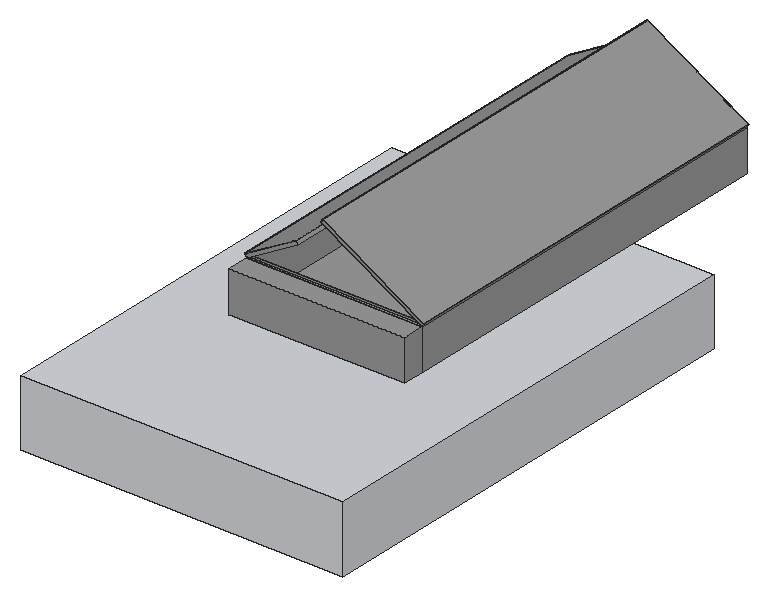
Revit family "Hager-Univers-IP54-D205-H1950-Cl.I-Encl-NoHosted-AT-de", category Equipement électrique, Revit 2020
Family settings
  Hôte = Face
  Configuration du panneau = Deux colonnes, circuits au sein
  Cote de connecteur circulaire = Utiliser le diamètre
  Type d'élément = Tableau de raccordement
  Couper avec des vides une fois chargée = Non
  Partagée = Non
  Point de calcul de pièce = Non
Parameters (values of type "Bodenaufstellung IP54 B800 H1950 T205  - FP23TW2")
  Width Control [instance] = if([EF000008 - Breite] > Min Width, [EF000008 - Breite], Min Width)  # 800 mm
  Commentaires du type = [HG000003 - Bereich]  # "Univers"
  Thickness Door [instance] = if([EF009171 - Materialstärke Tür/Deckel] > 3 mm, 3 mm, [EF009171 - Materialstärke Tür/Deckel])  # 1 mm
  Seal Frame Offset [instance] = 17 mm  # constant formula
  Plinth Visibility [instance] = [HG000027 - Sockelhöhe] > 0 mm  # yes
  Model = ""
  Min Width [instance] = 100 mm  # constant formula
  Min Height [instance] = 100 mm  # constant formula
  Min Depth [instance] = (2 * [EF009170 - Materialstärke Gehäuse]) + 1 mm  # 3 mm
  Internal Frame Depth [instance] = (Door System Depth * 0.5)  # 9 mm
  Height Control [instance] = if([EF000040 - Höhe] > Min Height, [EF000040 - Höhe], Min Height)  # 1950 mm
  HG000027 - Sockelhöhe = 100 mm
  HG000026 - Stehend auf dem Boden = yes
  HG000024 - Höhe des unteren Teils = 800 mm
  HG000023 - Gehäuse mit doppeltem Querschnitt = no
  HG000016 - 3D-Türsichtbarkeit [instance] = yes
  HG000015 - Sichtbarkeit der Türöffnung [instance] = no
  HG000014 - Tür rechts [instance] = yes
  HG000013 - Tür links [instance] = not([HG000014 - Tür rechts])  # no
  HG000012 - Türschwenkwinkel [instance] = 30.00°
  HG000010 - Asymmetrische Türen = yes
  HG000009 - Doppelflügeligen Tür = yes
  HG000006 - Unterputz = no
  HG000004 - Herstellerreferenz = "FP23TW2"
  HG000003 - Bereich = "Univers"
  HG000002 - Mit tür = yes
  Frame Offset Bottom [instance] = 10 mm  # constant formula
  Frame Offset [instance] = 15 mm  # constant formula
  EF015940 - Deckel mit Überdruckentlastung = no
  EF011959 - Schutzart (NEMA) = ""
  EF009554 - Anzahl der Öffnungen für Flanschplatten = 6
  Fabricant = "Hager"  # constant formula
  EF009212 - Ausführung Deckel = "EV000116 - geschlossen"
  EF009171 - Materialstärke Tür/Deckel = 1 mm
  EF009170 - Materialstärke Gehäuse = 1 mm
  EF008873 - Nennstrom (In) = 400 A
  EF007800 - Geeignet für Blitzschutz = no
  EF006306 - Mit Schloss = no
  EF006244 - Transparenter Deckel/Tür = no
  EF005474 - Schutzart (IP) = "EV006419 - IP54"
  EF004464 - Art der Tür = "EV002646 - Einzel"
  EF004427 - Anzahl der Module = 432
  EF004293 - Schlagfestigkeit = "EV006815 - IK09"
  EF003532 - Geeignet für Außengebrauch = no
  EF002950 - Breite in Teilungseinheiten = 36
  EF001613 - Funktionserhalt = "EV000494 - ohne"
  EF001596 - Werkstoff des Gehäuses = "EV000179 - Stahl"
  EF001131 - Innentiefe = 205 mm
  EF001088 - Anbaumöglichkeit = yes
  EF000437 - Anzahl der Leitungseinführungen = 6
  EF000339 - Art der Abdeckung = "EV001012 - Deckel"
  EF000266 - Anzahl der Reihen = 12
  EF000218 - Einbautiefe = 0 mm
  EF000118 - Mit Montageplatte = no
  EF000116 - RAL-Nummer = "9010"
  EF000049 - Tiefe = 205 mm
  EF000040 - Höhe = 1950 mm
  EF000008 - Breite = 800 mm
  EF000007 - Farbe = "EV000202 - weiß"
  EF000003 - Montageart = "EV012274 - Bodenaufstellung"
  Door System Leaf Tolerance [instance] = 1.5 mm  # constant formula
  Door System Depth [instance] = 18 mm  # constant formula
  Door Height [instance] = Height Control - [HG000027 - Sockelhöhe]  # 1850 mm
  Depth Control [instance] = if([EF000049 - Tiefe] > Min Depth, [EF000049 - Tiefe], Min Depth)  # 205 mm
  Default Elevation = 0 mm
  Connector Offset [instance] = Height Control / 2  # 975 mm
  Bottom Top Plate Trim [instance] = 1.5 mm  # constant formula
  Plinth height Ctrl [instance] = if([HG000027 - Sockelhöhe] > 0 mm, [HG000027 - Sockelhöhe], 12 mm)  # 100 mm
Types (3, lengths in mm): name | Width Control | HG000010 - Asymmetrische Türen | HG000009 - Doppelflügeligen Tür | HG000004 - Herstellerreferenz | EF009554 - Anzahl der Öffnungen für Flanschplatten | EF008873 - Nennstrom (In) | EF004464 - Art der Tür | EF004427 - Anzahl der Module | EF002950 - Breite in Teilungseinheiten | EF000437 - Anzahl der Leitungseinführungen | EF000008 - Breite
  Bodenaufstellung IP54 B1300 H1950 T205  - FP25TW2 | 1300 | yes | yes | "FP25TW2" | 10 | 400 A | "EV003602 - Doppel" | 720 | 60 | 10 | 1300
  Bodenaufstellung IP54 B300 H1950 T205  - FP21TW2 | 300 | no | no | "FP21TW2" | 2 | 250 A | "EV002646 - Einzel" | 144 | 12 | 2 | 300
  Bodenaufstellung IP54 B800 H1950 T205  - FP23TW2 | 800 | yes | yes | "FP23TW2" | 6 | 400 A | "EV002646 - Einzel" | 432 | 36 | 6 | 800
Reference planes
  plane 1 "Center (Front/Back)": y = 0
  plane 2: z = 0
  plane 3 "Center (Left/Right)": x = 0
  plane 4: z = 205
  plane 5: y = 101
  plane 6: y = 1025
  plane 7: y = 100
  plane 8: y = 1950
  plane 9: z = 0
  plane 10: x = -385
  plane 11: x = 385
  plane 12: x = 384
  plane 13: x = -384
  plane 14: y = 1949
  plane 15: x = -383
  plane 16: x = -400
  plane 17: x = 383
  plane 18: x = 400
  plane 19: x = 399
  plane 20: x = -399
  plane 21: y = 111
  plane 22: y = 1950
  plane 23: y = 1934
  plane 24: z = 187
  plane 25: z = 1
  plane 26: z = 186
  plane 27: z = 204
Forms (mm)
  Extrusion 1, solid
    sketch origin (0, 0, 0) x (1, 0, 0) y (0, 1, 0)
      loop
        line (-702.964, 1305) -> (-702.964, -811.445) -> (766.763, -811.445) -> (766.763, 1305) -> (-702.964, 1305)
    from 0 to -304.8
  Extrusion 2, solid, material "Hager_Steel_RAL7035_Light_Grey", visible <- "Plinth Visibility", detail levels medium+fine
    sketch origin (0, 0, 0) x (1, 0, 0) y (0, 1, 0)
      loop
        line (-400, 0) -> (400, 0) -> (400, 100) -> (-400, 100) -> (-400, 0)
    from 0 to 187
  Extrusion 3, solid, material "Hager_Steel_RAL7035_Light_Grey", detail levels medium+fine
    sketch origin (0, 0, 0) x (1, 0, 0) y (0, 1, 0)
      loop
        line (-400, 100) -> (400, 100) -> (400, 1950) -> (-400, 1950) -> (-400, 100)
    from 0 to 187
  Extrusion 4, void
    sketch origin (0, 0, 0) x (1, 0, 0) y (0, 1, 0)
      loop
        line (-399, 101) -> (399, 101) -> (399, 1949) -> (-399, 1949) -> (-399, 101)
    from 1 to 186
  Extrusion 5, void
    sketch origin (-381.607, -4572, 187) x (0, -1, 0) y (-1, 0, 0)
      loop
        line (-4683, 2.393) -> (-6506, 2.393) -> (-6506, -765.607) -> (-4683, -765.607) -> (-4683, 2.393)
    from 0 to 1 <- "EF009170 - Materialstärke Gehäuse"
  Extrusion 6, solid, material "Hager_Steel_RAL7035_Light_Grey", detail levels fine
    sketch origin (0, 0, 187) x (1, 0, 0) y (0, 1, 0)
      loop
        line (-384, 1934) -> (-384, 111) -> (384, 111) -> (384, 1934) -> (-384, 1934)
      loop
        line (-385, 110) -> (385, 110) -> (385, 1935) -> (-385, 1935) -> (-385, 110)
    from 0 to 9 <- "Internal Frame Depth"
  Extrusion 7, solid, material "Hager_Steel_RAL7035_Light_Grey", detail levels coarse
    sketch origin (0, 0, 0) x (1, 0, 0) y (0, 1, 0)
      loop
        line (-400, 0) -> (400, 0) -> (400, 1950) -> (-400, 1950) -> (-400, 0)
    from 0 to 205
  Sweep 8, void
    path in 3D
      loop
        line (-400, 100, 0) -> (400, 100, 0) -> (400, 100, 187) -> (-400, 100, 187) -> (-400, 100, 0)
    profile origin (-400, 100, 93.5) x (-1, 0, 0) y (0, -1, 0)
      loop
        line (0, 0) -> (0, 1.5) -> (-1.5, 1.5)
        arc (-1.5, 1.5) -> (-1.061, 0.439) -> (0, 0) r 1.5
Cuts and joins
  Extrusion 4, Extrusion 5 cuts Extrusion 3
  Sweep 8 cuts Extrusion 2
Lines and regions (mm)
  Masking region 1
    outline origin (0, 0, 0) x (1, 0, 0) y (0, 0, 1)
      loop
        line (-400, 205) -> (-400, 0) -> (400, 0) -> (400, 205) -> (-400, 205)
  Masking region 2, detail levels medium+fine
    outline origin (0, 140, 0) x (0, 1, 0) y (0, 0, 1)
      loop
        line (-40, 0) -> (1810, 0) -> (1810, 187) -> (-40, 187) -> (-40, 0)
  Masking region 3, not visible, detail levels medium+fine
    outline origin (0, 297.922, 0) x (0, 1, 0) y (0, 0, 1)
      loop
        line (738.578, 0) -> (778.578, 0) -> (778.578, 194)
        arc (778.578, 194) -> (775.649, 201.071) -> (768.578, 204) r 10
        line (768.578, 204) -> (738.578, 204) -> (738.578, 0)
  Masking region 4, detail levels coarse
    outline origin (0, 0, 180) x (0, 1, 0) y (0, 0, 1)
      loop
        line (0, -180) -> (1950, -180) -> (1950, 25) -> (0, 25) -> (0, -180)
  Masking region 5, visible <- "Plinth Visibility", detail levels medium+fine
    outline origin (0, 52.24, 12.345) x (0, 0, -1) y (0, 1, 0)
      loop
        line (10.845, 47.76) -> (-173.155, 47.76)
        arc (-173.155, 47.76) -> (-173.594, 46.699) -> (-174.655, 46.26) r 1.5
        line (-174.655, 46.26) -> (-174.655, -52.24) -> (12.345, -52.24) -> (12.345, 46.26)
        arc (12.345, 46.26) -> (11.285, 46.699) -> (10.845, 47.76) r 1.5
  Masking region 6, detail levels medium+fine
    outline origin (-381.607, -4572, 187) x (-1, 0, 0) y (0, -1, 0)
      loop
        line (18.393, -6522) -> (18.393, -4672) -> (-781.607, -4672) -> (-781.607, -6522) -> (18.393, -6522)
  Masking region 7, visible <- "Plinth Visibility", detail levels medium+fine
    outline origin (-381.607, -4727, 187) x (-1, 0, 0) y (0, -1, 0)
      loop
        arc (16.893, -4827) -> (17.332, -4825.939) -> (18.393, -4825.5) r 1.5
        line (18.393, -4825.5) -> (18.393, -4727) -> (-781.607, -4727) -> (-781.607, -4825.5)
        arc (-781.607, -4825.5) -> (-780.546, -4825.939) -> (-780.107, -4827) r 1.5
        line (-780.107, -4827) -> (16.893, -4827)
  Masking region 8, detail levels coarse
    outline origin (-442.548, -4669.526, 187) x (-1, 0, 0) y (0, -1, 0)
      loop
        line (-42.548, -6619.526) -> (-42.548, -4669.526) -> (-842.548, -4669.526) -> (-842.548, -6619.526) -> (-42.548, -6619.526)
  sketch lines
    curve 1: line (-400, 100, 187) -> (-400, 100, 0)
    curve 2: line (400, 100, 187) -> (-400, 100, 187)
    curve 3: line (400, 100, 187) -> (400, 100, 0)
    curve 4: line (-400, 100, 0) -> (400, 100, 0)
Dimensions and locks
  "Depth Control": plane 4 to Extrusion 1
  "HG000027 - Sockelhöhe": plane 1 "Center (Front/Back)" to plane 7
  "EF009170 - Materialstärke Gehäuse": plane 5 to plane 7
  locked: connector elem to plane 3 "Center (Left/Right)"
  equal spacing: plane 8, plane 6, plane 7
  locked: connector elem to plane 6
  "EF009170 - Materialstärke Gehäuse": plane 8 to plane 14
  "EF009170 - Materialstärke Gehäuse": plane 10 to plane 13
  "EF009170 - Materialstärke Gehäuse": plane 12 to plane 11
  "Frame Offset": plane 20 to plane 13
  "Frame Offset": plane 12 to plane 19
  "EF009170 - Materialstärke Gehäuse": plane 16 to plane 20
  "EF009170 - Materialstärke Gehäuse": plane 19 to plane 18
  "Seal Frame Offset": plane 16 to plane 15
  "Seal Frame Offset": plane 17 to plane 18
  "Frame Offset Bottom": plane 21 to plane 5
  "Frame Offset": plane 14 to plane 23
  equal spacing: plane 16, plane 3 "Center (Left/Right)", plane 18
  "Width Control": plane 16 to plane 18
  "EF009170 - Materialstärke Gehäuse": plane 4 to plane 27
  "EF009170 - Materialstärke Gehäuse": plane 24 to plane 26
  "EF009170 - Materialstärke Gehäuse": plane 25 to level
  "Door System Depth": plane 4 to plane 24
  "Height Control": plane 1 "Center (Front/Back)" to Extrusion 7 sketch curve
  "Height Control": Masking region 4 sketch curve to plane 1 "Center (Front/Back)"
  "Height Control": plane 1 "Center (Front/Back)" to plane 22
  "Bottom Top Plate Trim": profile plane to Sweep 8 sketch curve
  "Bottom Top Plate Trim": Sweep 8 sketch curve to profile plane
  "Plinth height Ctrl": plane 1 "Center (Front/Back)" to Extrusion 2 sketch curve
  "Plinth height Ctrl": Masking region 5 sketch curve to plane 1 "Center (Front/Back)"
  "Plinth height Ctrl": plane 1 "Center (Front/Back)" to Masking region 7 sketch curve
  "Thickness Door": Extrusion 6 sketch curve to Extrusion 6 sketch curve  (x3)
  "Thickness Door": cut or joined group of Extrusion 3, Extrusion 4, Extrusion 5 to Extrusion 6 sketch curve
  radius of Masking region 3 sketch curve = 10 mm
  "Bottom Top Plate Trim": radius of Masking region 5 sketch curve  (x2)
  "Bottom Top Plate Trim": radius of Sweep 8 sketch curve
  "Bottom Top Plate Trim": radius of Masking region 7 sketch curve  (x2)
  aligned and locked: plane 2 to Extrusion 1
  aligned and locked: level to Extrusion 1
  aligned and locked: level to Masking region 1 sketch curve
  aligned and locked: Masking region 1 sketch curve to plane 18
  aligned and locked: Masking region 1 sketch curve to plane 16
  aligned and locked: plane 7 to Masking region 2 sketch curve
  aligned and locked: level to Masking region 3 sketch curve
  aligned and locked: Masking region 3 sketch curve to plane 27
  aligned and locked: level to Masking region 2 sketch curve
  aligned and locked: plane 1 "Center (Front/Back)" to Extrusion 2 sketch curve
  aligned and locked: Extrusion 3 sketch curve to plane 7
  aligned and locked: plane 16 to Extrusion 3 sketch curve
  aligned and locked: plane 18 to Extrusion 3 sketch curve
  aligned and locked: plane 20 to Extrusion 4 sketch curve
  aligned and locked: plane 19 to Extrusion 4 sketch curve
  aligned and locked: Extrusion 4 sketch curve to plane 5
  aligned and locked: Extrusion 4 to plane 25
  aligned and locked: plane 26 to Extrusion 4
  aligned and locked: plane 24 to Extrusion 3
  aligned and locked: Extrusion 5 sketch curve to plane 21
  aligned and locked: Extrusion 5 sketch curve to plane 13
  aligned and locked: Extrusion 5 sketch curve to plane 12
  aligned and locked: plane 18 to Extrusion 7 sketch curve
  aligned and locked: plane 1 "Center (Front/Back)" to Extrusion 7 sketch curve
  aligned and locked: plane 16 to Extrusion 7 sketch curve
  aligned and locked: plane 4 to Extrusion 7
  aligned and locked: Extrusion 7 to level
  aligned and locked: level to Masking region 4 sketch curve
  aligned and locked: Masking region 4 sketch curve to plane 1 "Center (Front/Back)"
  aligned and locked: Masking region 4 sketch curve to plane 4
  aligned and locked: nested 1 to level
  aligned and locked: nested 1 to plane 16
  aligned and locked: plane 8 to Extrusion 3 sketch curve
  aligned and locked: plane 23 to Extrusion 5 sketch curve
  aligned and locked: plane 14 to Extrusion 4 sketch curve
  aligned and locked: Masking region 2 sketch curve to plane 8
  aligned and locked: level to Masking region 5 sketch curve
  aligned and locked: plane 16 to Extrusion 2 sketch curve
  aligned and locked: plane 18 to Extrusion 2 sketch curve
  aligned and locked: Masking region 5 sketch curve to plane 24
  aligned and locked: Masking region 2 sketch curve to plane 24
  aligned and locked: plane 24 to Extrusion 2
  aligned and locked: profile plane to Sweep 8 sketch curve  (x2)
  aligned and locked: Masking region 6 sketch curve to plane 18
  aligned and locked: Masking region 6 sketch curve to plane 22
  aligned and locked: Masking region 6 sketch curve to plane 16
  aligned and locked: plane 8 to plane 22
  aligned and locked: Masking region 6 sketch curve to plane 7
  aligned and locked: Masking region 7 sketch curve to plane 16
  aligned and locked: Masking region 7 sketch curve to plane 1 "Center (Front/Back)"
  aligned and locked: Masking region 7 sketch curve to plane 18
  aligned and locked: Masking region 8 sketch curve to plane 1 "Center (Front/Back)"
  aligned and locked: Masking region 8 sketch curve to plane 18
  aligned and locked: Masking region 8 sketch curve to plane 22
  aligned and locked: Masking region 8 sketch curve to plane 16
  aligned and locked: nested 2 to plane 7
  aligned and locked: plane 3 "Center (Left/Right)" to nested 2
  aligned and locked: nested 2 to plane 24
  aligned and locked: Extrusion 6 sketch curve to cut or joined group of Extrusion 3, Extrusion 4, Extrusion 5  (x4)
Automatic sketch dimensions
  Extrusion 1 sketch curve to Extrusion 1 sketch curve = 1469.727 mm
  Extrusion 1 sketch curve to Extrusion 1 sketch curve = 2116.445 mm
  Masking region 1 sketch curve to plane 4 = 0 mm
  plane 6 to Masking region 3 sketch curve = 11.5 mm
  Masking region 3 sketch curve to Masking region 3 sketch curve = 30 mm
  Masking region 5 sketch curve to plane 1 "Center (Front/Back)" = 0 mm
Nested families
  nested 1: "Hager_Enclosure_Symbol" at (-400, 0, 0) x (1, 0, 0) z (0, -1, 0), Height <- "Depth Control", Width <- "Width Control", type "Hager_Enclosure_Symbol"
    with Width_Ctrl 800 mm, Width 800 mm, Height_Ctrl 205 mm, Height 205 mm, A_Width_Int 13.453 mm, A_Width 161.438 mm, A_Height_Ctrl 179.375 mm, A_Height 179.375 mm
  nested 2: "EC000058_Univers_Door" at (0, 100, 187) x (1, 0, 0) z (0, 1, 0), Leaf_Tolerance <- "Door System Leaf Tolerance", Angle <- "HG000012 - Türschwenkwinkel", Door_Depth <- "Door System Depth", Door_Left <- "HG000013 - Tür links", Transparent <- "EF006244 - Transparenter Deckel/Tür", Assymetrical <- "HG000010 - Asymmetrische Türen", Width <- "Width Control", Clearance <- "HG000015 - Sichtbarkeit der Türöffnung", Double <- "HG000009 - Doppelflügeligen Tür", 3d_Door <- "HG000016 - 3D-Türsichtbarkeit", Lock_Visibility <- "EF006306 - Mit Schloss", Width_Ctrl <- "Width Control", Door_Right <- "HG000014 - Tür rechts", Door <- "HG000002 - Mit tür", Height <- "Door Height", Thickness <- "Thickness Door", type "EC000058_Univers_Door", detail levels medium+fine
    with min_wh 3 mm, Width_Ctrl 800 mm, Width 800 mm, Transparent no, Thickness 1 mm, Seal_Material Hager_Rubber, Lock_Visibility no, Lock_Material Hager_Plastic_RAL9005_Jet_Black, Leaf_Width 800 mm, Leaf_Tolerance_External_Sides 0 mm, Leaf_Tolerance 1.5 mm, Leaf_Offset 0 mm, Leaf_Height 1847 mm, Leaf_2_Width 532.583 mm, Leaf_2_Offset 266.292 mm, Leaf_1_Width 265.917 mm, Leaf_1_Offset 132.958 mm, Height_Ctrl 1850 mm, Height 1850 mm, Glass_Material Hager_Glass, Double_Clearance_Ctrl no, Double yes, Door_Right_Ctrl yes, Door_Right yes, Door_Material Hager_Steel_RAL7035_Light_Grey, Door_Left_Ctrl yes, Door_Left no, Door_Depth 18 mm, Door yes, Clearance_Material Hager_Clearance, Clearance_Depth 532.583 mm, Clearance_Ctrl no, Clearance no, Assymetrical yes, Angle 30.00°, 3d_Door yes
Connectors
  electrical at (0, 1025, 0)
    settings: on plane 9, index 1, voltage 0 V, apparent load 0 VA, apparent load phase1 0 VA, apparent load phase2 0 VA, apparent load phase3 0 VA, power factor 1, load classification "Other", number of poles 1, system type 30, power factor state 1, is connector primary yes, connector utility no, sub classification motor no, connector description ""
Definition of nested family "EC000058_Univers_Door"
  Parameters (values of type "EC000058_Univers_Door")
    min_wh [instance] = (2 * Thickness) + 1 mm  # 11 mm
    Width_Ctrl [instance] = 400 mm
    Width [instance] = 500 mm
    Transparent [instance] = yes
    Thickness [instance] = 5 mm
    Seal_Material [instance] = none
    Lock_Visibility [instance] = yes
    Lock_Material [instance] = none
    Leaf_Width [instance] = if((Width_Ctrl - 2 * Leaf_Tolerance_External_Sides) > 0 mm, (Width_Ctrl - 2 * Leaf_Tolerance_External_Sides), min_wh)  # 400 mm
    Leaf_Tolerance_External_Sides [instance] = 0 mm  # constant formula
    Leaf_Tolerance [instance] = 1.5 mm
    Leaf_Offset [instance] = 0 mm  # constant formula
    Leaf_Height [instance] = if((Height_Ctrl - 2 * Leaf_Tolerance) > 0 mm, (Height_Ctrl - 2 * Leaf_Tolerance), min_wh)  # 497 mm
    Leaf_2_Width [instance] = if(and(and(Double, Assymetrical), Door_Left), (Leaf_Width / 3) - (Leaf_Tolerance / 2), if(and(and(Double, Assymetrical), Door_Right), (Leaf_Width / 3) * 2 - (Leaf_Tolerance / 2), if(and(Double, not(Assymetrical)), (Leaf_Width / 2) - Leaf_Tolerance, Leaf_Width)))  # 400 mm
    Leaf_2_Offset [instance] = if(and(Double, Assymetrical), Leaf_2_Width / 2, if(and(Double, not(Assymetrical)), Leaf_Width / 4, Leaf_Width / 2))  # 200 mm
    Leaf_1_Width [instance] = if(and(and(Double, Assymetrical), Door_Right), (Leaf_Width / 3) - (Leaf_Tolerance / 2), if(and(and(Double, Assymetrical), Door_Left), (Width / 3) * 2 - (Leaf_Tolerance / 2), if(and(Double, not(Assymetrical)), (Leaf_Width / 2) - Leaf_Tolerance, Leaf_Width)))  # 400 mm
    Leaf_1_Offset [instance] = if(and(Double, Assymetrical), Leaf_1_Width / 2, if(and(Double, not(Assymetrical)), Leaf_Width / 4, Leaf_Width / 2))  # 200 mm
    Height_Ctrl [instance] = if(Height > min_wh, Height, min_wh)  # 500 mm
    Height [instance] = 500 mm
    Glass_Material [instance] = none
    Double_Clearance_Ctrl [instance] = and(Double, Clearance)  # no
    Double [instance] = no
    Door_Right_Ctrl [instance] = and(or(Door_Right, Double), Door)  # yes
    Door_Right [instance] = yes
    Door_Material [instance] = none
    Door_Left_Ctrl [instance] = and(or(Door_Left, Double), Door)  # no
    Door_Left [instance] = no
    Door_Depth [instance] = 30 mm
    Door [instance] = yes
    Default Elevation = 1219.2 mm
    Clearance_Material [instance] = none
    Clearance_Depth [instance] = if(Leaf_1_Width > Leaf_2_Width, Leaf_1_Width, Leaf_2_Width)  # 400 mm
    Clearance_Ctrl [instance] = and(not(Double), Clearance)  # yes
    Clearance [instance] = yes
    Assymetrical [instance] = yes
    Angle [instance] = 30.00°
    3d_Door [instance] = yes
  Reference planes
    plane 1 "Center (Front/Back)": y = 0
    plane 2 "Bottom": z = 0
    plane 3 "Center (Left/Right)": x = 0
    plane 4: z = 500
    plane 5: x = -200
    plane 6: x = 200
    plane 7: z = 500
    plane 8: x = -200
    plane 9: z = 0
    plane 10: x = 200
    plane 11: y = 0
    plane 12: z = 1.5
    plane 13: x = -600
    plane 14: y = -400
    plane 15: x = 600
    plane 16: x = 0
    plane 17: x = 0
    plane 18: x = -200
    plane 19: x = 200
    plane 20: z = 498.5
  Forms (mm)
    Extrusion 1, solid, material <- "Clearance_Material", visible <- "Double_Clearance_Ctrl"
      sketch origin (1200, 0, 0) x (1, 0, 0) y (0, 0, -1)
        loop
          line (-1800, -498.5) -> (-600, -498.5) -> (-600, 0) -> (-1800, 0) -> (-1800, -498.5)
      from 0 to -400
  Dimensions and locks
    equal spacing: plane 5, plane 3 "Center (Left/Right)", plane 6
    "Width_Ctrl": plane 5 to plane 6
    "Leaf_Offset": plane 5 to plane 8
    "Leaf_Offset": plane 6 to plane 10
    "Leaf_Offset": plane 9 to level
    "Leaf_Offset": plane 4 to plane 7
    "Height_Ctrl": plane 4 to level
    "Leaf_Tolerance": plane 12 to plane 9
    locked: plane 11 to plane 1 "Center (Front/Back)"
    "Leaf_1_Offset": plane 18 to plane 16
    "Leaf_2_Offset": plane 17 to plane 19
    "Leaf_1_Width": plane 13 to plane 8
    "Leaf_2_Width": plane 10 to plane 15
    "Clearance_Depth": plane 14 to plane 1 "Center (Front/Back)"
    "Leaf_Tolerance_External_Sides": plane 8 to plane 18
    "Leaf_Tolerance_External_Sides": plane 19 to plane 10
    "Leaf_Tolerance": plane 7 to plane 20
    aligned and locked: level to plane 2 "Bottom"
    aligned and locked: nested 1 to plane 16
    aligned and locked: nested 2 to plane 17
    aligned and locked: Extrusion 1 to plane 13
    aligned and locked: plane 15 to Extrusion 1
    aligned and locked: Extrusion 1 to plane 14
    aligned and locked: plane 12 to nested 1
    aligned and locked: nested 2 to plane 12
    aligned and locked: Extrusion 1 to plane 11
    aligned and locked: plane 20 to Extrusion 1
    aligned and locked: nested 2 to plane 11
    aligned and locked: nested 1 to plane 11
  Automatic sketch dimensions
    Extrusion 1 sketch curve to level = 0 mm
    plane 5 to Extrusion 1 sketch curve = 400 mm
    plane 6 to Extrusion 1 sketch curve = 400 mm
    Extrusion 1 sketch curve to plane 4 = 1.5 mm
  Nested families
    nested 1: "EC000058_Univers_Door_Leaf" at (0, 0, 1.5), Width <- "Leaf_1_Width", visible <- "Door_Left_Ctrl", Leaf_Height <- "Leaf_Height", Angle <- "Angle", 3d_Door <- "3d_Door", Transparent <- "Transparent", Clearance Material <- "Clearance_Material", Clearance <- "Clearance_Ctrl", Door_Material <- "Door_Material", Glass_Material <- "Glass_Material", Door_Depth <- "Door_Depth", Lock_Material <- "Lock_Material", Seal_Material <- "Seal_Material", Lock_Visibility <- "Lock_Visibility", Thickness <- "Thickness", type "EC000058_Univers_Door_Leaf"
      with Width 400 mm, Transparent_Glass_Offset 30 mm, Transparent_Ctrl yes, Transparent yes, Thickness 5 mm, Standard no, Seal_Material none, Seal_D2 8 mm, Seal_D1 1 mm, Offset_Internal_Frame 10 mm, Lock_Width 20 mm, Lock_Visibility_3d yes, Lock_Visibility yes, Lock_Thickness_3 3 mm, Lock_Thickness_2 1 mm, Lock_Thickness_1 3 mm, Lock_Radius_Offset_2 16 mm, Lock_Radius_Offset_1 15 mm, Lock_Radius_2 5 mm, Lock_Radius 6 mm, Lock_Offset 5 mm, Lock_Material none, Lock_Height 80 mm, Lock_Cover_Top_Offset_2d 17 mm, Lock_Cover_Height -65 mm, Leaf_Height 497 mm, Internal_Seal_Thickness 8 mm, Internal_Seal_Depth_2 4.5 mm, Internal_Frame_Depth 25 mm, Glass_Thickness -1 mm, Glass_Offset -2 mm, Glass_Material none, Door_Material none, Door_Depth 30 mm, Clearance Material none, Clearance yes, Angle_Ctrl 30.00°, Angle 30.00°, 3d_Door yes
    nested 2: "EC000058_Univers_Door_Leaf" at (0, 0, 1.5) x (-1, 0, 0) z (0, 0, 1), Width <- "Leaf_2_Width", visible <- "Door_Right_Ctrl", Leaf_Height <- "Leaf_Height", Angle <- "Angle", 3d_Door <- "3d_Door", Transparent <- "Transparent", Clearance Material <- "Clearance_Material", Clearance <- "Clearance_Ctrl", Door_Material <- "Door_Material", Glass_Material <- "Glass_Material", Door_Depth <- "Door_Depth", Lock_Material <- "Lock_Material", Seal_Material <- "Seal_Material", Lock_Visibility <- "Lock_Visibility", Thickness <- "Thickness", type "EC000058_Univers_Door_Leaf"
      with Width 400 mm, Transparent_Glass_Offset 30 mm, Transparent_Ctrl yes, Transparent yes, Thickness 5 mm, Standard no, Seal_Material none, Seal_D2 8 mm, Seal_D1 1 mm, Offset_Internal_Frame 10 mm, Lock_Width 20 mm, Lock_Visibility_3d yes, Lock_Visibility yes, Lock_Thickness_3 3 mm, Lock_Thickness_2 1 mm, Lock_Thickness_1 3 mm, Lock_Radius_Offset_2 16 mm, Lock_Radius_Offset_1 15 mm, Lock_Radius_2 5 mm, Lock_Radius 6 mm, Lock_Offset 5 mm, Lock_Material none, Lock_Height 80 mm, Lock_Cover_Top_Offset_2d 17 mm, Lock_Cover_Height -65 mm, Leaf_Height 497 mm, Internal_Seal_Thickness 8 mm, Internal_Seal_Depth_2 4.5 mm, Internal_Frame_Depth 25 mm, Glass_Thickness -1 mm, Glass_Offset -2 mm, Glass_Material none, Door_Material none, Door_Depth 30 mm, Clearance Material none, Clearance yes, Angle_Ctrl 30.00°, Angle 30.00°, 3d_Door yes
  Definition of nested family "EC000058_Univers_Door_Leaf"
    Parameters (values of type "EC000058_Univers_Door_Leaf")
      Width [instance] = 2000 mm
      Transparent_Glass_Offset [instance] = 30 mm
      Transparent_Ctrl [instance] = and(Transparent, [3d_Door])  # yes
      Transparent [instance] = yes
      Thickness [instance] = 5 mm
      Standard [instance] = and(not(Transparent), [3d_Door])  # no
      Seal_Material [instance] = none
      Seal_D2 [instance] = 8 mm  # constant formula
      Seal_D1 [instance] = 1 mm  # constant formula
      Offset_Internal_Frame [instance] = 10 mm  # constant formula
      Lock_Width [instance] = 20 mm  # constant formula
      Lock_Visibility_3d [instance] = and(Lock_Visibility, [3d_Door])  # yes
      Lock_Visibility [instance] = yes
      Lock_Thickness_3 [instance] = 3 mm  # constant formula
      Lock_Thickness_2 [instance] = 1 mm  # constant formula
      Lock_Thickness_1 [instance] = 3 mm  # constant formula
      Lock_Radius_Offset_2 [instance] = Lock_Radius_Offset_1 + 1 mm  # 16 mm
      Lock_Radius_Offset_1 [instance] = 15 mm  # constant formula
      Lock_Radius_2 [instance] = Lock_Radius - 1 mm  # 5 mm
      Lock_Radius [instance] = 6 mm  # constant formula
      Lock_Offset [instance] = 5 mm  # constant formula
      Lock_Material [instance] = none
      Lock_Height [instance] = 80 mm  # constant formula
      Lock_Cover_Top_Offset_2d [instance] = Lock_Radius_Offset_2 + 1 mm  # 17 mm
      Lock_Cover_Height [instance] = -(Lock_Height - Lock_Radius_Offset_1)  # -65 mm
      Leaf_Height [instance] = 2720.336 mm
      Internal_Seal_Thickness [instance] = 8 mm  # constant formula
      Internal_Seal_Depth_2 [instance] = 4.5 mm  # constant formula
      Internal_Frame_Depth [instance] = if(Door_Depth - Thickness > 5 mm, Door_Depth - Thickness, 5 mm)  # 25 mm
      Glass_Thickness [instance] = if(Thickness > 15 mm, Glass_Offset + 10 mm, -1 mm)  # -1 mm
      Glass_Offset [instance] = if(Thickness > 15 mm, -(Thickness + 10 mm) / 2, -2 mm)  # -2 mm
      Glass_Material [instance] = none
      Door_Material [instance] = none
      Door_Depth [instance] = 30 mm
      Default Elevation = 0 mm
      Clearance Material [instance] = none
      Clearance [instance] = yes
      Angle_Ctrl [instance] = if(Angle > 180.00°, 180.00°, Angle)  # 90.00°
      Angle [instance] = 90.00°
      3d_Door [instance] = yes
    Reference planes
      plane 1 "Center (Front/Back)": y = 0
      plane 2: z = 0
      plane 3 "Center (Left/Right)": x = 0
      plane 4: y = 2000
      plane 5: x = -1000
      plane 6: x = 1000
      plane 7: x = -3000
      plane 8: z = 2720.336
      plane 9: z = 30
      plane 10: z = 2690.336
      plane 11: x = 970
      plane 12: x = -970
      plane 13: y = -3
      plane 14: z = 107.833
      plane 15: y = -5
      plane 16: y = -223.314
      plane 17: x = -1000
      plane 18: z = 1360.168
      plane 19: y = 30
    Forms (mm)
      Extrusion 1, solid, material <- "Clearance Material", visible <- "Clearance"
        sketch origin (0, 0, 0) x (1, 0, 0) y (0, 0, 1)
          loop
            line (-3000, 2720.336) -> (-3000, 0) -> (1000, 0) -> (1000, 2720.336) -> (-3000, 2720.336)
        from 0 to -2000
      Extrusion 2, solid, material <- "Door_Material", visible <- "Standard", detail levels medium+fine
        sketch origin (-1000, 0, 0) x (0, 1, 0) y (-1, 0, 0)
          loop
            line (0, 30) -> (0, 25) -> (2000, 25) -> (2000, 30) -> (0, 30)
        from 0 to 2720.336 <- "Leaf_Height"
      Extrusion 3, solid, material <- "Door_Material", visible <- "Transparent_Ctrl", detail levels medium+fine
        sketch origin (-1000, 0, 0) x (0, 1, 0) y (-1, 0, 0)
          loop
            line (0, 25) -> (2000, 25) -> (2000, 30) -> (0, 30) -> (0, 25)
        from 0 to 2720.336 <- "Leaf_Height"
      Extrusion 4, void
        sketch origin (-1025, 2000, 0) x (0, 1, 0) y (0, 0, -1)
          loop
            line (-30, -2690.336) -> (-30, -30) -> (-1970, -30) -> (-1970, -2690.336) -> (-30, -2690.336)
        from 0 to 5 <- "Thickness"
      Sweep 5, solid, material <- "Seal_Material", visible <- "Transparent_Ctrl", detail levels fine
        path in 3D
          loop
            line (-1025, 30, 30) -> (-1025, 30, 2690.336) -> (-1025, 1970, 2690.336) -> (-1025, 1970, 30) -> (-1025, 30, 30)
        profile origin (-1025, 1000, 30) x (1, 0, 0) y (0, 0, 1)
          loop
            line (0, 0) -> (0, -8) -> (1, -8) -> (1, 0) -> (0, 0)
      Extrusion 6, solid, material <- "Glass_Material", visible <- "Transparent_Ctrl", detail levels medium+fine
        sketch origin (-1030, 0, 0) x (0, 1, 0) y (0, 0, -1)
          loop
            line (1970, -2690.336) -> (1970, -30) -> (30, -30) -> (30, -2690.336) -> (1970, -2690.336)
        from -2 <- "Glass_Offset" to -1 <- "Glass_Thickness"
      Extrusion 7, solid, material <- "Door_Material", visible <- "3d_Door", detail levels medium+fine
        sketch origin (-1025, 2000, 0) x (0, -1, 0) y (0, 0, -1)
          loop
            line (0, -2720.336) -> (2000, -2720.336) -> (2000, 0) -> (0, 0) -> (0, -2720.336)
          loop
            line (1995, -5) -> (5, -5) -> (5, -2715.336) -> (1995, -2715.336) -> (1995, -5)
        from 0 to 25 <- "Internal_Frame_Depth"
      Sweep 8, solid, material <- "Seal_Material", visible <- "Transparent_Ctrl", detail levels fine
        path in 3D
          loop
            line (-1025, 0, 0) -> (-1025, 2000, 0) -> (-1025, 2000, 2720.336) -> (-1025, 0, 2720.336) -> (-1025, 0, 0)
        profile origin (-1025, 0, 1360.168) x (1, 0, 0) y (0, 1, 0)
          loop
            line (0, 10) -> (2.975, 10)
            arc (2.975, 10) -> (4.053, 10.447) -> (4.5, 11.525) r 1.525
            line (4.5, 11.525) -> (4.5, 16.527)
            arc (4.5, 16.527) -> (4.069, 17.569) -> (3.027, 18) r 1.473
            line (3.027, 18) -> (0, 18) -> (0, 10)
      Extrusion 9, solid, material <- "Lock_Material", visible <- "Lock_Visibility_3d", detail levels fine
        sketch origin (-1030, 0, 0) x (0, 1, 0) y (0, 0, -1)
          loop
            arc (1993.5, -1400.168) -> (1994.561, -1399.729) -> (1995, -1398.668) r 1.5
            line (1995, -1398.668) -> (1995, -1320.168) -> (1975, -1320.168) -> (1975, -1398.668)
            arc (1975, -1398.668) -> (1975.439, -1399.729) -> (1976.5, -1400.168) r 1.5
            line (1976.5, -1400.168) -> (1993.5, -1400.168)
        from 3 <- "Lock_Thickness_1" to 0
      Blend 10, solid, material <- "Lock_Material", visible <- "Lock_Visibility_3d", detail levels fine
        base sketch origin (-1033, 0, 0) x (0, 1, 0) y (0, 0, -1)
          loop
            line (1975, -1320.168) -> (1975, -1398.668)
            arc (1975, -1398.668) -> (1975.439, -1399.729) -> (1976.5, -1400.168) r 1.5
            line (1976.5, -1400.168) -> (1993.5, -1400.168)
            arc (1993.5, -1400.168) -> (1994.561, -1399.729) -> (1995, -1398.668) r 1.5
            line (1995, -1398.668) -> (1995, -1320.168) -> (1975, -1320.168)
        top sketch origin (-1033, 0, 0) x (0, 1, 0) y (0, 0, -1)
          loop
            line (1976, -1320.168) -> (1976, -1398.668)
            arc (1976, -1398.668) -> (1976.146, -1399.022) -> (1976.5, -1399.168) r 0.5
            line (1976.5, -1399.168) -> (1993.5, -1399.168)
            arc (1993.5, -1399.168) -> (1993.854, -1399.022) -> (1994, -1398.668) r 0.5
            line (1994, -1398.668) -> (1994, -1320.168) -> (1976, -1320.168)
        from 0 to 1 <- "Lock_Thickness_2"
      Blend 11, solid, material <- "Lock_Material", visible <- "Lock_Visibility_3d", detail levels fine
        base sketch origin (-1034, 0, 0) x (0, 1, 0) y (0, 0, -1)
          loop
            line (1978, -1320.168) -> (1978, -1384.168)
            arc (1978, -1384.168) -> (1985, -1391.168) -> (1992, -1384.168) r 7
            line (1992, -1384.168) -> (1992, -1320.168) -> (1978, -1320.168)
        top sketch origin (-1034, 0, 0) x (0, 1, 0) y (0, 0, -1)
          loop
            line (1991, -1320.168) -> (1979, -1320.168) -> (1979, -1383.168)
            arc (1979, -1383.168) -> (1985, -1389.168) -> (1991, -1383.168) r 6
            line (1991, -1383.168) -> (1991, -1320.168)
        from 0 to 3 <- "Lock_Thickness_3"
      Extrusion 12, solid, material <- "Lock_Material", visible <- "Lock_Visibility_3d", detail levels fine
        sketch origin (-1030, 1975, 1320.168) x (1, 0, 0) y (0, -1, 0)
          loop
            line (-7, -19) -> (-7, -1) -> (0, -1) -> (0, 0) -> (-8, 0) -> (-8, -20) -> (0, -20) -> (0, -19) -> (-7, -19)
        from 0 to -65 <- "Lock_Cover_Height"
      Extrusion 13, void
        sketch origin (-1038, 1995, 1320.168) x (-1, 0, 0) y (0, 0, -1)
          loop
            line (-5, -65) -> (0, -65) -> (-5, -60) -> (-5, -65)
        from 0 to 20 <- "Lock_Width"
      Extrusion 14, void
        sketch origin (-1038, 1975, 1320.168) x (0, -1, 0) y (0, 0, -1)
          loop
            circle (-10, -15.995) r 6
          loop
            circle (-10, -15.995) r 5
        from 0 to 2
      Extrusion 15, solid, material <- "Lock_Material", visible <- "Lock_Visibility_3d", detail levels medium
        sketch origin (-1030, 0, 0) x (0, 1, 0) y (0, 0, -1)
          loop
            arc (1993.5, -1400.168) -> (1994.561, -1399.729) -> (1995, -1398.668) r 1.5
            line (1995, -1398.668) -> (1995, -1320.168) -> (1975, -1320.168) -> (1975, -1398.668)
            arc (1975, -1398.668) -> (1975.439, -1399.729) -> (1976.5, -1400.168) r 1.5
            line (1976.5, -1400.168) -> (1993.5, -1400.168)
        from 8 to 0
    Cuts and joins
      Extrusion 4 cuts Extrusion 3
      Extrusion 13, Extrusion 14 cuts Extrusion 9
      Extrusion 14 cuts Blend 11
      Extrusion 13, Extrusion 14 cuts Extrusion 12
      joined: Extrusion 9, Blend 10, Blend 11, Extrusion 12
      Extrusion 14 cuts Extrusion 15
    Lines and regions (mm)
      Masking region 1, visible <- "Lock_Visibility", detail levels fine
        outline origin (0, 0, 0) x (0, 1, 0) y (0, 0, 1)
          loop
            line (30, 1320.168) -> (33, 1320.168) -> (33, 1400.168) -> (30, 1400.168) -> (30, 1320.168)
      Masking region 2, visible <- "Lock_Visibility", detail levels fine
        outline origin (0, 3.143, 0) x (0, 1, 0) y (0, 0, 1)
          loop
            line (29.857, 1354.168) -> (30.857, 1354.168) -> (30.857, 1366.168) -> (29.857, 1366.168) -> (29.857, 1354.168)
      Masking region 3, detail levels medium+fine
        outline origin (0, 0, 0) x (0, 1, 0) y (0, 0, 1)
          loop
            line (0, 0) -> (30, 0) -> (30, 2720.336) -> (0, 2720.336) -> (0, 0)
      Masking region 4, detail levels medium+fine
        outline origin (0, 0, 0) x (1, 0, 0) y (0, 0, 1)
          loop
            line (-1000, 2720.336) -> (-1000, 0) -> (1000, 0) -> (1000, 2720.336) -> (-1000, 2720.336)
      Masking region 5, visible <- "Lock_Visibility", detail levels fine
        outline origin (-47.116, 0, 0) x (1, 0, 0) y (0, 0, 1)
          loop
            arc (1024.616, 1399.168) -> (1023.556, 1398.729) -> (1023.116, 1397.668) r 1.5
            line (1023.116, 1397.668) -> (1023.116, 1320.168) -> (1041.116, 1320.168) -> (1041.116, 1397.668)
            arc (1041.116, 1397.668) -> (1040.677, 1398.729) -> (1039.616, 1399.168) r 1.5
            line (1039.616, 1399.168) -> (1024.616, 1399.168)
      Masking region 6, visible <- "Lock_Visibility", detail levels medium+fine
        outline origin (-25, 0, 0) x (1, 0, 0) y (0, 0, 1)
          loop
            arc (1001.5, 1400.168) -> (1000.439, 1399.729) -> (1000, 1398.668) r 1.5
            line (1000, 1398.668) -> (1000, 1320.168) -> (1020, 1320.168) -> (1020, 1398.668)
            arc (1020, 1398.668) -> (1019.561, 1399.729) -> (1018.5, 1400.168) r 1.5
            line (1018.5, 1400.168) -> (1001.5, 1400.168)
      Masking region 7, visible <- "Lock_Visibility", detail levels fine
        outline origin (-73.735, 0, 0) x (1, 0, 0) y (0, 0, 1)
          loop
            line (1051.735, 1382.168) -> (1065.735, 1382.168) -> (1065.735, 1384.168)
            arc (1065.735, 1384.168) -> (1058.735, 1391.168) -> (1051.735, 1384.168) r 7
            line (1051.735, 1384.168) -> (1051.735, 1382.168)
      Masking region 8, visible <- "Lock_Visibility", detail levels fine
        outline origin (-73.735, 0, 0) x (1, 0, 0) y (0, 0, 1)
          loop
            line (1052.735, 1382.168) -> (1064.735, 1382.168) -> (1064.735, 1383.168)
            arc (1064.735, 1383.168) -> (1058.735, 1389.168) -> (1052.735, 1383.168) r 6
            line (1052.735, 1383.168) -> (1052.735, 1382.168)
      Masking region 9, visible <- "Lock_Visibility", detail levels fine
        outline origin (-25, 0, 0) x (1, 0, 0) y (0, 0, 1)
          loop
            line (1020, 1320.168) -> (1020, 1382.168) -> (1000, 1382.168) -> (1000, 1320.168) -> (1020, 1320.168)
      Masking region 10, detail levels medium+fine
        outline origin (0, 0, 0) x (1, 0, 0) y (0, 0, 1)
          loop
            circle (985, 1335.144) r 6
      Masking region 11, detail levels fine
        outline origin (0, 0, 0) x (1, 0, 0) y (0, 0, 1)
          loop
            circle (985, 1335.144) r 5
      Masking region 12, visible <- "Lock_Visibility", detail levels fine
        outline origin (0, 12.767, 0) x (0, 1, 0) y (0, 0, 1)
          loop
            line (20.233, 1320.168) -> (21.233, 1320.168) -> (21.233, 1399.168) -> (20.233, 1400.168) -> (20.233, 1320.168)
      Masking region 13, visible <- "Lock_Visibility", detail levels fine
        outline origin (0, 13.767, -10) x (0, 1, 0) y (0, 0, 1)
          loop
            line (20.233, 1330.168) -> (23.233, 1330.168) -> (23.233, 1399.168) -> (20.233, 1402.168) -> (20.233, 1330.168)
      Masking region 14, visible <- "Lock_Visibility", detail levels fine
        outline origin (0, 12.767, -10) x (0, 1, 0) y (0, 0, 1)
          loop
            line (20.233, 1330.168) -> (25.233, 1330.168) -> (25.233, 1399.305) -> (20.233, 1394.305) -> (20.233, 1330.168)
      Masking region 15, visible <- "Lock_Visibility", detail levels medium
        outline origin (0, 0, 0) x (0, 1, 0) y (0, 0, 1)
          loop
            line (30, 1320.168) -> (38, 1320.168) -> (38, 1400.168) -> (30, 1400.168) -> (30, 1320.168)
      Masking region 16, visible <- "Lock_Visibility", detail levels fine
        outline origin (-1000, 0, 0) x (0, 1, 0) y (-1, 0, 0)
          loop
            line (1975, 30) -> (1995, 30) -> (1995, 38) -> (1975, 38) -> (1975, 30)
          loop
            line (1979, 37) -> (1976, 37) -> (1976, 34) -> (1978, 34) -> (1979, 37)
          loop
            line (1994, 37) -> (1991, 37) -> (1992, 34) -> (1994, 34) -> (1994, 37)
      Masking region 17, visible <- "Lock_Visibility", detail levels medium
        outline origin (-1000, 0, 0) x (0, 1, 0) y (-1, 0, 0)
          loop
            line (1975, 30) -> (1995, 30) -> (1995, 38) -> (1975, 38) -> (1975, 30)
      symbolic lines
        curve 1: line (1000, 0, 0) -> (-3000, 0, 0)
        curve 2: arc (1000, 0, 0) -> (-1000, 2000, 0) -> (-3000, 0, 0) r 2000
        curve 4: line (-1030, 0, 0) -> (-1030, 2000, 0)
      reference lines
        curve 3: line (-1000, 0, 0) -> (-1000, 2000, 0)
      symbolic lines, detail levels medium+fine
        curve 5: line (-1030, 2000, 0) -> (-1025, 2000, 0)
        curve 7: line (-1025, 0, 0) -> (-1030, 0, 0)
        curve 8: line (-1025, 0, 0) -> (-1000, 0, 0)
        curve 9: line (-1000, 0, 0) -> (-1000, 2000, 0)
        curve 10: line (-1000, 2000, 0) -> (-1025, 2000, 0)
      symbolic lines, detail levels fine
        curve 6: line (-1025, 2000, 0) -> (-1025, 0, 0)
      sketch lines
        curve 11: line (-1025, 0, 2720.336) -> (-1025, 0, 0)
        curve 12: line (-1025, 2000, 0) -> (-1025, 0, 0)
        curve 13: line (-1025, 2000, 2720.336) -> (-1025, 2000, 0)
        curve 14: line (-1025, 0, 2720.336) -> (-1025, 2000, 2720.336)
        curve 15: line (-1025, 1970, 30) -> (-1025, 30, 30)
        curve 16: line (-1025, 30, 30) -> (-1025, 30, 2690.336)
        curve 17: line (-1025, 1970, 2690.336) -> (-1025, 1970, 30)
        curve 18: line (-1025, 30, 2690.336) -> (-1025, 1970, 2690.336)
      symbolic lines, visible <- "Transparent", detail levels medium+fine
        curve 19: line (-970, 0, 2690.336) -> (970, 0, 2690.336)
        curve 20: line (-970, 0, 30) -> (-970, 0, 2690.336)
        curve 21: line (970, 0, 30) -> (-970, 0, 30)
        curve 22: line (970, 0, 2690.336) -> (970, 0, 30)
    Dimensions and locks
      "Width": plane 1 "Center (Front/Back)" to plane 4
      equal spacing: plane 5, plane 3 "Center (Left/Right)", plane 6
      "Width": plane 5 to plane 6
      "Width": plane 7 to plane 5
      "Leaf_Height": plane 8 to level
      "Width": curve 5 to curve 3
      "Width": curve 3 to curve 3
      plane 8 to plane 10 = 30 mm
      plane 9 to level = 30 mm
      plane 12 to plane 5 = 30 mm
      plane 6 to plane 11 = 30 mm
      Extrusion 1 to Extrusion 4 sketch curve = 30 mm
      "Transparent_Glass_Offset": curve 3 to Extrusion 4 sketch curve
      "Transparent_Glass_Offset": Extrusion 4 sketch curve to cut or joined group of Extrusion 3, Extrusion 4  (x2)
      cut or joined group of Extrusion 3, Extrusion 4 to Extrusion 6 sketch curve = 30 mm
      "Transparent_Glass_Offset": cut or joined group of Extrusion 3, Extrusion 4 to Extrusion 4 sketch curve
      "Thickness": curve 6 to curve 4
      "Thickness": Extrusion 7 sketch curve to Extrusion 7 sketch curve  (x4)
      "Door_Depth": curve 4 to curve 3
      "Offset_Internal_Frame": profile plane to Sweep 8 sketch curve
      "Internal_Seal_Thickness": Sweep 8 sketch curve to Sweep 8 sketch curve
      "Internal_Seal_Depth_2": profile plane to Sweep 8 sketch curve
      "Seal_D1": profile plane to Sweep 5 sketch curve
      "Seal_D2": profile plane to Sweep 5 sketch curve
      "Thickness": Extrusion 2 sketch curve to Extrusion 2 sketch curve
      equal spacing: Extrusion 9 sketch curve, plane 18, Extrusion 9 sketch curve  (x2)
      equal spacing: Masking region 1 sketch curve, plane 18, Masking region 1 sketch curve
      "Lock_Height": Masking region 1 sketch curve to Masking region 1 sketch curve
      "Lock_Radius": Masking region 2 sketch curve to plane 18 to Masking region 2 sketch curve
      Masking region 2 sketch curve to Masking region 1 = 1 mm
      "Door_Depth": plane 19 to plane 1 "Center (Front/Back)"
      "Lock_Thickness_1": Masking region 1 sketch curve to plane 19
      "Lock_Width": Extrusion 9 sketch curve to Extrusion 9 sketch curve
      "Lock_Height": Extrusion 9 sketch curve to Extrusion 9 sketch curve
      "Lock_Offset": cut or joined group of Extrusion 3, Extrusion 4 to Extrusion 9 sketch curve
      equal spacing: plane 8, plane 18, level
      "Lock_Radius_Offset_1": Blend 11 sketch curve to Blend 10
      locked: Blend 10 to Blend 11 sketch curve at 2  (x2)
      locked: var sketch to Blend 11 sketch curve at 1  (x2)
      "Lock_Radius_Offset_2": Blend 11 sketch curve to Blend 10
      locked: Extrusion 12 sketch curve to Extrusion 12 sketch curve at 1  (x3)
      Masking region 6 sketch curve to Masking region 6 sketch curve = 80 mm
      "Lock_Height": Masking region 6 sketch curve to Masking region 6 sketch curve
      "Lock_Width": Masking region 6 sketch curve to Masking region 6 sketch curve
      locked: Masking region 6 to Masking region 5 sketch curve at 1  (x3)
      locked: Masking region 5 to Masking region 7 sketch curve at 2  (x2)
      "Lock_Radius_Offset_1": Masking region 5 to Masking region 7 sketch curve
      "Lock_Radius_Offset_2": Masking region 5 to Masking region 8 sketch curve
      locked: Masking region 7 to Masking region 8 sketch curve at 1  (x2)
      "Lock_Cover_Top_Offset_2d": Masking region 5 to Masking region 9 sketch curve
      equal spacing: Masking region 9, Masking region 10 sketch curve, Masking region 9
      equal spacing: Masking region 9, Masking region 11 sketch curve, Masking region 9
      Extrusion 15 sketch curve to Extrusion 15 sketch curve = 80 mm
      "Lock_Width": Extrusion 15 sketch curve to Extrusion 15 sketch curve
      "Lock_Height": Extrusion 15 sketch curve to Extrusion 15 sketch curve
      equal spacing: Extrusion 15 sketch curve, plane 18, Extrusion 15 sketch curve
      "Lock_Thickness_3": Masking region 13 sketch curve to Masking region 13 sketch curve
      "Lock_Height": Masking region 12 sketch curve to Masking region 12 sketch curve
      locked: Masking region 13 sketch curve to Masking region 1 at 8
      locked: Masking region 14 sketch curve to Masking region 13 at 1
      locked: Masking region 14 sketch curve to Masking region 1 at 10.863
      "Lock_Height": Masking region 15 sketch curve to Masking region 15 sketch curve
      "Lock_Offset": Extrusion 15 sketch curve to cut or joined group of Extrusion 3, Extrusion 4
      "Lock_Offset": plane 6 to Masking region 6 sketch curve
      radius of Sweep 8 sketch curve = 1.525 mm
      radius of Sweep 8 sketch curve = 1.473 mm
      radius of Extrusion 9 sketch curve = 1.5 mm  (x2)
      "Lock_Radius": radius of Extrusion 14 sketch curve
      "Lock_Radius_2": radius of Extrusion 14 sketch curve
      "Lock_Radius": radius of Masking region 10 sketch curve
      "Lock_Radius_2": radius of Masking region 11 sketch curve
      radius of Extrusion 15 sketch curve = 1.5 mm  (x2)
      "Angle_Ctrl": angle plane 1 "Center (Front/Back)" to curve 3
      locked: Masking region 12 sketch curve to Masking region 12 sketch curve (angle 45.00°)
      locked: Masking region 13 sketch curve to Masking region 13 sketch curve (angle 45.00°)
      locked: Masking region 14 sketch curve to Masking region 14 sketch curve (angle 45.00°)
      aligned and locked: level to plane 2
      aligned and locked: Extrusion 1 to curve 1
      aligned and locked: plane 6 to Extrusion 1
      aligned and locked: Extrusion 1 to plane 1 "Center (Front/Back)"
      aligned and locked: plane 4 to Extrusion 1
      aligned and locked: plane 8 to Extrusion 1
      aligned and locked: curve 7 to Extrusion 2 sketch curve
      aligned and locked: curve 5 to Extrusion 2 sketch curve
      aligned and locked: curve 7 to Extrusion 3 sketch curve
      aligned and locked: Extrusion 3 sketch curve to curve 4
      aligned and locked: Extrusion 3 sketch curve to curve 6
      aligned and locked: Extrusion 3 sketch curve to curve 5
      aligned and locked: curve 9 to curve 3
      aligned and locked: Extrusion 7 sketch curve to cut or joined group of Extrusion 3, Extrusion 4  (x4)
      aligned and locked: plane 17 to curve 3
      aligned and locked: plane 1 "Center (Front/Back)" to curve 3
      aligned and locked: plane 17 to plane 5
      aligned and locked: Sweep 8 sketch curve to profile plane
      aligned and locked: Sweep 5 sketch curve to profile plane  (x2)
      aligned and locked: Masking region 1 to Masking region 2 sketch curve
      aligned and locked: plane 19 to Masking region 1 sketch curve
      aligned and locked: plane 1 "Center (Front/Back)" to Masking region 3 sketch curve
      aligned and locked: plane 19 to Masking region 3 sketch curve
      aligned and locked: level to Masking region 3 sketch curve
      aligned and locked: Masking region 3 sketch curve to plane 8
      aligned and locked: plane 17 to Masking region 4 sketch curve
      aligned and locked: level to Masking region 4 sketch curve
      aligned and locked: Masking region 4 sketch curve to plane 8
      aligned and locked: plane 12 to curve 20
      aligned and locked: plane 10 to curve 19
      aligned and locked: plane 11 to curve 22
      aligned and locked: curve 21 to plane 9
      aligned and locked: Extrusion 2 sketch curve to cut or joined group of Extrusion 3, Extrusion 4
      aligned and locked: Blend 10 sketch curve to Extrusion 9  (x4)
      aligned and locked: Extrusion 9 to Blend 10 sketch curve
      aligned and locked: Blend 10 to Blend 11 sketch curve
      aligned and locked: Extrusion 12 sketch curve to Blend 11
      aligned and locked: Extrusion 12 sketch curve to Extrusion 9  (x4)
      aligned and locked: Masking region 5 sketch curve to Masking region 6
      aligned and locked: Masking region 9 sketch curve to Masking region 6  (x3)
      aligned and locked: Masking region 12 sketch curve to Masking region 1
      aligned and locked: Masking region 13 sketch curve to Masking region 1
      aligned and locked: Masking region 12 to Masking region 14
      aligned and locked: Masking region 14 sketch curve to Masking region 1
      aligned and locked: Masking region 15 sketch curve to Masking region 14
      aligned and locked: Masking region 13 sketch curve to Masking region 12
      aligned and locked: Masking region 16 sketch curve to cut or joined group of Extrusion 14, Extrusion 15  (x4)
      aligned and locked: Masking region 16 sketch curve to cut or joined group of Extrusion 9, Blend 10, Blend 11, Extrusion 12, Extrusion 13, Extrusion 14  (x6)
      aligned and locked: cut or joined group of Extrusion 9, Blend 10, Blend 11, Extrusion 12, Extrusion 13, Extrusion 14 to Masking region 16 sketch curve
      aligned and locked: Masking region 17 sketch curve to cut or joined group of Extrusion 14, Extrusion 15  (x3)
      aligned and locked: Masking region 17 sketch curve to cut or joined group of Extrusion 9, Blend 10, Blend 11, Extrusion 12, Extrusion 13, Extrusion 14
      aligned and locked: Masking region 9 to Masking region 8 sketch curve
      aligned and locked: Masking region 9 to Masking region 7 sketch curve
    Automatic sketch dimensions
      plane 1 "Center (Front/Back)" to curve 2 = 0 mm
      curve 2 to plane 5 = 0 mm
      Extrusion 1 sketch curve to level = 0 mm
      Extrusion 1 sketch curve to plane 7 = 0 mm
      Extrusion 1 sketch curve to plane 6 = 0 mm
      Extrusion 1 sketch curve to plane 8 = 0 mm
      Extrusion 3 to Extrusion 6 sketch curve = 30 mm  (x4)
      Masking region 4 sketch curve to plane 6 = 0 mm
      Blend 10 sketch curve to Extrusion 9 = 1.5 mm
      Blend 10 sketch curve to Extrusion 9 = 1 mm
      Extrusion 13 sketch curve to Extrusion 12 = 0 mm  (x2)
      Extrusion 12 to Extrusion 13 sketch curve = 3 mm
      Extrusion 13 sketch curve to Extrusion 12 = 5 mm
      Extrusion 14 sketch curve to Extrusion 14 sketch curve = 0 mm  (x2)
      Extrusion 14 sketch curve to Extrusion 12 = 10 mm
      Extrusion 14 sketch curve to Extrusion 12 = 15.995 mm
      Masking region 5 sketch curve to Masking region 5 sketch curve = 1.5 mm  (x2)
      Masking region 10 sketch curve to plane 18 = 25.024 mm
      Masking region 11 sketch curve to plane 18 = 25.024 mm
      plane 19 to Masking region 14 sketch curve = 3 mm
      Masking region 16 sketch curve to Masking region 16 sketch curve = 3 mm
      curve 4 to curve 3 = 0 mm
      Blend 10 to Blend 11 sketch curve = 0 mm
      Masking region 6 sketch curve to Masking region 6 sketch curve = 1.5 mm  (x2)
      Masking region 6 sketch curve to plane 18 = 40 mm
      plane 19 to Masking region 12 sketch curve = 3 mm
      Masking region 12 sketch curve to Masking region 12 sketch curve = 1 mm
      Masking region 15 sketch curve to plane 19 = 0 mm
      Masking region 15 sketch curve to plane 18 = 40 mm
      radius of Blend 10 sketch curve to Extrusion 9 = 1 mm
Definition of nested family "Hager_Enclosure_Symbol"
  Parameters (values of type "Hager_Enclosure_Symbol")
    Width_Ctrl [instance] = if(Width > 1 mm, Width, 1 mm)  # 102.27 mm
    Width [instance] = 102.27 mm
    Height_Ctrl [instance] = if(Height > 1 mm, Height, 1 mm)  # 66.5 mm
    A_Width_Int [instance] = if(A_Width / 12 > 2 mm, A_Width / 12, 2 mm)  # 4.364 mm
    A_Width [instance] = if(A_Height_Ctrl * 0.9 > 2 mm, A_Height_Ctrl * 0.9, 2 mm)  # 52.369 mm
    A_Height_Ctrl [instance] = if(A_Height > 2 mm, A_Height, 2 mm)  # 58.188 mm
    Height [instance] = 66.5 mm
    A_Height [instance] = Height - (Height / 8)  # 58.188 mm
  Reference planes
    plane 1 "Centre (avant/arrière)": y = 0
    plane 2: z = 0
    plane 3 "Centre (gauche/droite)": x = 0
    plane 4: x = 52.369
    plane 5: y = 33.042
    plane 6: y = 41.77
    plane 7: y = 66.5
    plane 8: x = 26.184
    plane 9: y = 37.406
    plane 10: x = 102.27
    plane 11: y = 66.5
    plane 12: y = 8.313
  Lines and regions (mm)
    Filled region 1, type "Solid_Black", in view "Niveau de réf."
      outline origin (0, 0, 0) x (1, 0, 0) y (0, 1, 0)
        loop
          line (52.369, 66.5) -> (33.188, 54.536) -> (45.365, 45.006) -> (52.369, 66.5)
    Filled region 2, type "Solid_Black", in view "Niveau de réf."
      outline origin (0, 0, 0) x (1, 0, 0) y (0, 1, 0)
        loop
          line (0, 0) -> (102.27, 0) -> (102.27, 66.5) -> (0, 0)
    detail lines, in view "Niveau de réf."
      curve 1: line (0, 8.313, 0) -> (26.184, 41.77, 0)
      curve 2: line (26.184, 41.77, 0) -> (26.184, 33.042, 0)
      curve 3: line (26.184, 33.042, 0) -> (52.369, 66.5, 0)
  Dimensions and locks
    "A_Width": plane 3 "Centre (gauche/droite)" to plane 4
    equal spacing: plane 3 "Centre (gauche/droite)", plane 8, plane 4
    equal spacing: plane 6, plane 9, plane 5
    equal spacing: curve 3, Filled region 1 sketch curve, Filled region 1 sketch curve
    "Height_Ctrl": plane 1 "Centre (avant/arrière)" to plane 11
    "A_Height_Ctrl": plane 11 to plane 12
    equal spacing: plane 11, plane 9, plane 12
    "A_Width_Int": plane 6 to plane 9
    "Width_Ctrl": plane 3 "Centre (gauche/droite)" to plane 10
    angle Filled region 1 sketch curve to curve 3 = 20.00°
    angle curve 3 to Filled region 1 sketch curve = 20.00°
    locked: curve 3 to Filled region 1 sketch curve (angle 90.00°)
    aligned and locked: plane 10 to Filled region 2
    aligned and locked: plane 11 to Filled region 2 sketch curve
    aligned and locked: plane 10 to Filled region 2 sketch curve
    aligned and locked: plane 3 "Centre (gauche/droite)" to curve 1
    aligned and locked: plane 12 to curve 1
    aligned and locked: plane 7 to plane 11
  Automatic sketch dimensions
    Filled region 1 sketch curve to plane 4 = 0 mm
    Filled region 1 sketch curve to plane 7 = 0 mm
    plane 1 "Centre (avant/arrière)" to Filled region 2 sketch curve = 0 mm
    Filled region 2 sketch curve to plane 3 "Centre (gauche/droite)" = 0 mm
    curve 2 to plane 6 = 0 mm
    curve 2 to plane 8 = 0 mm
    curve 3 to plane 4 = 0 mm
    curve 2 to plane 5 = 0 mm
    curve 3 to plane 7 = 0 mm
